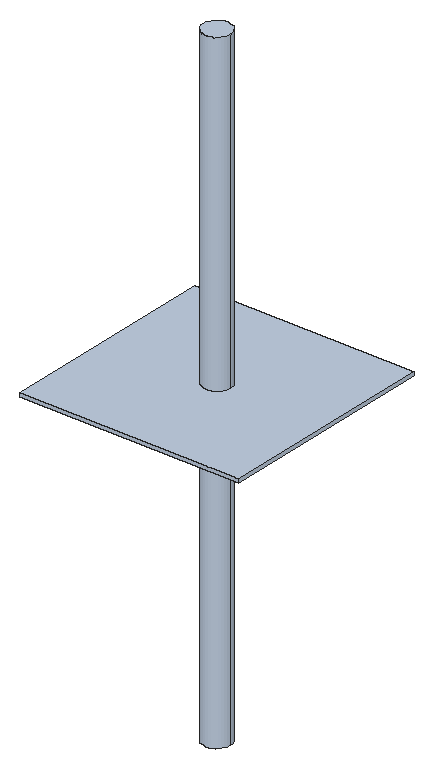
Revit family "EV_TIE ROD WATER STOP 15 L=350 _9371976", category Generic Models, Revit 2018
Family settings
  Can host rebar = No
  Round Connector Dimension = Use Diameter
  Part Type = Normal
  OmniClass Number = 35.51.14.00
  OmniClass Title = FORMWORK
  Work Plane-Based = Yes
  Always vertical = No
  Cut with Voids When Loaded = No
  Shared = Yes
  Room Calculation Point = No
Parameters (values of type "EV_TIE ROD WATER STOP 15 L=350 _9371976")
  VERSION = "20190101"  # constant formula
  URL = "www.ulmaconstruction.com/en"
  UNICLASS = ""
  Manufacturer = "ULMA CONSTRUCTION"  # constant formula
  ITEM_CODE = "9371976"
  FILTER [instance] = ""
  Default Elevation = 0.000 mm
  CLASSIFICATION_TITLE = ""
  CLASSIFICATION_NUMBER = ""
Reference planes
  plane 1 "Centro (Frontal/Posterior)": y = 0
  plane 2: z = 0
  plane 3 "Centro (Izquierda/Derecha)": x = 0
Forms (mm)
  Extrusion 1, solid, material "ULMA STEEL", detail levels medium+fine
    sketch origin (-337.479, 487.807, 0) x (1, 0, 0) y (0, 1, 0)
      loop
        line (277.479, -427.807) -> (277.479, -547.807) -> (397.479, -547.807) -> (397.479, -427.807) -> (277.479, -427.807)
    from -1 to 1
  Extrusion 2, solid, material "ULMA STEEL", detail levels medium+fine
    sketch origin (0, 0, 0) x (1, 0, 0) y (0, 1, 0)
      loop
        circle (0, 0) r 7.5
    from -175 to 175
Dimensions and locks
  aligned and locked: level to plane 2
